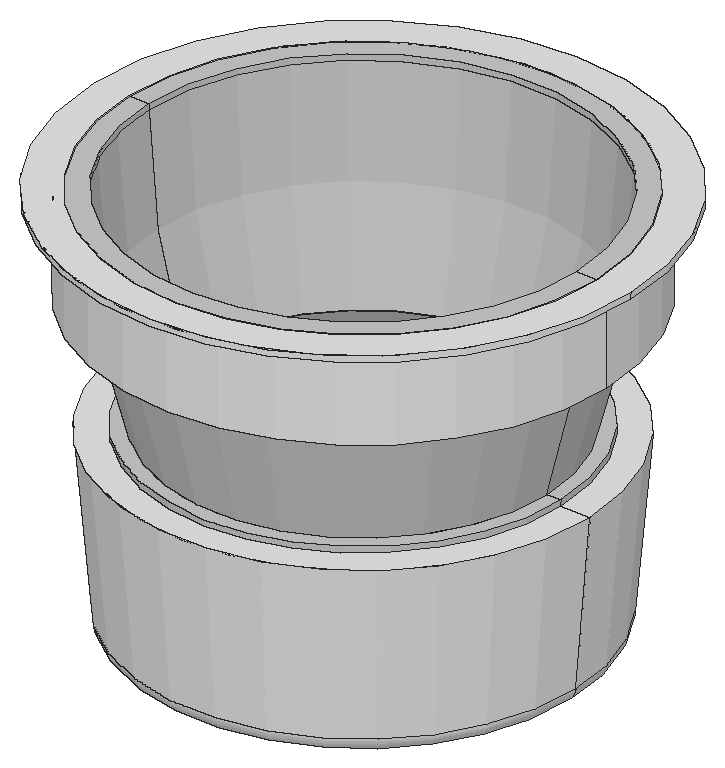
Revit family "2059366 Lighting Fixture_Sylvania_Ascent 150 II Round_Ceiling Recessed", category Lighting Fixtures, host Face, Revit 2017
Family settings
  Host = Face
  Round Connector Dimension = Use Diameter
  Part Type = Normal
  OmniClass Number = 23.80.70.11.17
  OmniClass Title = Specialized Lighting by Location or Use
  Cut with Voids When Loaded = No
  Light Source = Yes
  Shared = No
  Room Calculation Point = No
Parameters (values of type "ASCENT 150 II 3200 3K STD EM")
  Upper Body Radius = Radius - 14.5 mm  # 80.0 mm
  Upper Body Material = Metal_Sylvania_Ascent 150 II_Black
  Ring Outer Diameter = Diameter - 17.0 mm  # 172.0 mm
  Ring Inner Diameter = Ring Outer Diameter - 4.0 mm  # 168.0 mm
  Reflector Material = Metal_Sylvania_Ascent 150 II_Polished
  Recessed Depth = 142.0 mm
  Radius = Diameter / 2  # 94.5 mm
  Light Emit  Diameter = Diameter - 38.0 mm  # 151.0 mm
  LOR = "100%"  # constant formula
  Inrush Current (max. quantity per 16A C breaker) = "80"  # constant formula
  Inner Reflector Radius = Inner Radius - 19.5 mm  # 63.0 mm
  Inner Radius = Inner Diameter / 2  # 82.5 mm
  Inner Diameter = Diameter - 24.0 mm  # 165.0 mm
  IP Rating = "IP44"  # constant formula
  IK Rating = "IK02"  # constant formula
  Glow Wire Test = 650 °C  # constant formula
  Energy Class = "A++,A+,A"  # constant formula
  Weight = 2.45 kg
  Wattage = 2.86179 W
  built-in parameter 1150110 = 1 (stored number, unit not read)
  Voltage Comments = "UNV (Universal Voltage; 220-240 Volt)"  # constant formula
  Voltage = 230 V  # constant formula
  URL = "https://www.sylvania-lighting.com"
  built-in parameter 1114217 = 1 (stored number, unit not read)
  Tilt Angle = -90°
  built-in parameter 1150109 = 1 (stored number, unit not read)
  built-in parameter 1150134 = (empty or 0)
  built-in parameter 1150113 = 1 (stored number, unit not read)
  Product Page URL = "https://www.sylvania-lighting.com/product/en-int/products/2059366"
  Product Family = "ASCENT 150 II ROUND"  # constant formula
  Photometry Comments = ""
  Photometric Web File = "2059366_ASCENT150II32003KSTDEM-206476.ies"
  Life = "50 000 h"  # constant formula
  Emit from Circle Diameter = Light Emit  Diameter  # 151.0 mm
  Emit Shape Visible in Rendering = no
  Emergency duration (h) = "N/A"
  Electrical Protection = "Class II"  # constant formula
  Drive Current = "1000mA"  # constant formula
  Distribution type = "Direct"  # constant formula
  Diffuser Material = Glass_Sylvania_Ascent 150 II_Clear_3000K
  Diameter = 189.0 mm
  Cutout Diameter = Diameter - 13.0 mm  # 176.0 mm
  Colour consistency (SDCM) = "3 step"  # constant formula
  built-in parameter 1114216 [instance] = 1 (stored number, unit not read)
  Model = "ASCENT 150 II 3200 3K STD EM"
  Manufacturer = "Feilo Sylvania"
  built-in parameter 1150105 = 215.52 (stored number, unit not read)
  Lumens = 352 lm
  built-in parameter 1150115 = 1 (stored number, unit not read)
  built-in parameter 1150137 = (empty or 0)
  built-in parameter 1150139 = (empty or 0)
  built-in parameter 1150112 = 1 (stored number, unit not read)
  built-in parameter 1150114 = 1 (stored number, unit not read)
  Lamp Comments = "Integrated LED"  # constant formula
  Lamp = "LED"  # constant formula
  built-in parameter 1150132 = 2
  built-in parameter 1150102 = (empty or 0)
  built-in parameter 1150107 = 3000 (stored number, unit not read)
  built-in parameter 1150138 = (empty or 0)
  built-in parameter 1150106 = 2.1552 (stored number, unit not read)
  built-in parameter 1150104 = 11.427 (stored number, unit not read)
  Dimming Lamp Color Temperature Shift = <None>
  Description = "A very high efficient round downlight up to 127lm/W Long life >50,000hrs 4,000K and 3,000K CCT and CRI Ra85 IP44 rated for wet areas and bathrooms UGR <19 version for offices to comply with EN12464-1 Wide selection of decorative accessories"  # constant formula
  Default Elevation = 0.0 mm
  Color Filter = 16777215
  Catalog Number = "2059366 ASCENT 150 II 3200 3K STD EM"
  built-in parameter 1140040 [instance] = 1
  CRI (Ra) = ">80"  # constant formula
  built-in parameter 1114218 = 1 (stored number, unit not read)
  built-in parameter 1150133 = 10 (stored number, unit not read)
  Assembly Code = "D5020200"
  Apparent Load Comments = ""
  Apparent Load = 32 VA
  Accessory Material = Aluminum_Sylvania_Ascent 150 II_White
Reference planes
  plane 1 "Center (Front/Back)": y = 0
  plane 2: z = 0
  plane 3 "Center (Left/Right)": x = 0
  plane 4: z = 2
  plane 5: z = -74
  plane 6 "Fixture Top": z = -140
  plane 7: z = -31
  plane 8: z = -72
  plane 9: z = -62.037
Forms (mm)
  Extrusion 1, solid, material "Aluminum_Sylvania_Ascent 150 II_White" <- "Accessory Material", detail levels fine
    sketch origin (0, 0, 0) x (1, 0, 0) y (0, 1, 0)
      loop
        circle (0, 0) r 94.5
      loop
        circle (0, 0) r 82.5
    from 0 to 2
  Extrusion 2, void
    sketch origin (0, 0, 0) x (1, 0, 0) y (0, 1, 0)
      loop
        circle (0, 0) r 88
    from -140 to 2
  Revolve 3, solid, material "Metal_Sylvania_Ascent 150 II_Polished" <- "Reflector Material", detail levels fine
    sketch origin (0, 0, 0) x (1, 0, 0) y (0, 0, 1)
      loop
        line (-82.5, 0) -> (-77.5, 0)
        arc (-77.5, 0) -> (-74.352, -36.539) -> (-65, -72) r 213.61
        line (-65, -72) -> (-70, -72) -> (-70, -74) -> (0, -74) -> (0, -72) -> (-63, -72)
        arc (-63, -72) -> (-72.352, -36.539) -> (-75.5, 0) r 213.61
        line (-75.5, 0) -> (-75.5, 2) -> (-82.5, 2) -> (-82.5, 0)
      axis (0, 2) -> (0, -74)
    angle from 0 to 360
  Extrusion 4, solid, material "Aluminum_Sylvania_Ascent 150 II_White" <- "Accessory Material", detail levels fine
    sketch origin (0, 0, 0) x (1, 0, 0) y (0, 1, 0)
      loop
        circle (0, 0) r 86
      loop
        circle (0, 0) r 84
    from -31 to 0
  Revolve 5, solid, material "Glass_Sylvania_Ascent 150 II_Clear_3000K" <- "Diffuser Material", detail levels fine
    sketch origin (0, 0, 0) x (1, 0, 0) y (0, 0, 1)
      loop
        line (-63, -72) -> (0, -72) -> (0, -62.037)
        arc (0, -62.037) -> (-31.891, -64.543) -> (-63, -72) r 204.163
      axis (0, -62.037) -> (0, -72)
    angle from 0 to 360
  Revolve 6, solid, material "Metal_Sylvania_Ascent 150 II_Black" <- "Upper Body Material", detail levels fine
    sketch origin (0, 0, 0) x (1, 0, 0) y (0, 0, 1)
      loop
        line (0, -74) -> (-80, -74) -> (-75.107, -129.929)
        arc (-75.107, -129.929) -> (-73.452, -133.536) -> (-69.924, -135.353) r 6.079
        arc (-69.924, -135.353) -> (-35.039, -138.837) -> (0, -140) r 528.435
        line (0, -140) -> (0, -74)
      axis (0, -74) -> (0, -140)
    angle from 0 to 360
  Revolve 7, solid, material "Aluminum_Sylvania_Ascent 150 II_White" <- "Accessory Material", detail levels coarse+medium
    sketch origin (0, 0, 0) x (1, 0, 0) y (0, 0, 1)
      loop
        arc (-69.924, -135.353) -> (-35.039, -138.837) -> (0, -140) r 528.435
        line (0, -140) -> (0, 2) -> (-94.5, 2) -> (-94.5, 0) -> (-86, 0) -> (-86, -31)
        arc (-86, -31) -> (-84.493, -52.708) -> (-80, -74) r 157.083
        line (-80, -74) -> (-75.107, -129.929)
        arc (-75.107, -129.929) -> (-73.452, -133.536) -> (-69.924, -135.353) r 6.079
      axis (0, 2) -> (0, -140)
    angle from 0 to 360
Cuts and joins
  joined: Extrusion 1, Extrusion 4
Lines and regions (mm)
  Masking region 1
    outline origin (0, 0, 0) x (1, 0, 0) y (0, 1, 0)
      loop
        circle (0, 0) r 94.5
  symbolic lines, detail levels fine
    curve 1: arc (-75.5, 0, 0) -> (0, 75.5, 0) -> (75.5, 0, 0) r 75.5
    curve 2: arc (75.5, 0, 0) -> (0, -75.5, 0) -> (-75.5, 0, 0) r 75.5
Dimensions and locks
  plane 4 to plane 2 to plane 7 to plane 9 to plane 8 to plane 5 = 2.0 mm locked, 31.0 mm locked, 31.037 mm locked, 9.963 mm locked, 2.0 mm locked
  "Inner Radius": plane 3 "Center (Left/Right)" to Revolve 3 sketch curve
  locked: Revolve 3 sketch curve to Revolve 3 sketch curve at 7
  Revolve 3 sketch curve to Revolve 3 sketch curve to Revolve 3 sketch curve to Revolve 3 sketch curve = 2.0 mm locked, 5.0 mm locked, 12.5 mm locked
  "Inner Reflector Radius": Revolve 5 sketch curve to imposter light
  Revolve 6 sketch curve to Revolve 6 sketch curve to plane 6 "Fixture Top" = 5.424 mm locked, 4.647 mm locked
  "Recessed Depth": plane 4 to plane 6 "Fixture Top"
  "Upper Body Radius": plane 3 "Center (Left/Right)" to Revolve 6 sketch curve
  Revolve 6 sketch curve to Revolve 6 sketch curve to Revolve 6 sketch curve = 4.893 mm locked, 5.183 mm locked
  Revolve 7 sketch curve to Revolve 7 sketch curve to plane 6 "Fixture Top" = 5.424 mm locked, 4.647 mm locked
  Revolve 7 sketch curve to Revolve 7 sketch curve to Revolve 7 sketch curve to Revolve 7 sketch curve to Revolve 7 sketch curve = 8.5 mm locked, 6.0 mm locked, 4.893 mm locked, 5.183 mm locked
  "Radius": plane 3 "Center (Left/Right)" to Revolve 7 sketch curve
  "Diameter": diameter of Extrusion 1 sketch curve
  "Inner Diameter": diameter of Extrusion 1 sketch curve
  "Cutout Diameter": diameter of Extrusion 2 sketch curve
  "Ring Outer Diameter": diameter of Extrusion 4 sketch curve
  "Ring Inner Diameter": diameter of Extrusion 4 sketch curve
  aligned and locked: plane 2 to host face
  aligned and locked: level to host face
  aligned and locked: imposter light to plane 3 "Center (Left/Right)"
  aligned and locked: imposter light to plane 1 "Center (Front/Back)"
  aligned and locked: Extrusion 1 to plane 2
  aligned and locked: plane 4 to Extrusion 1
  aligned and locked: imposter light to plane 4
  aligned and locked: imposter light to Revolve 3 sketch curve
  aligned and locked: Revolve 3 sketch curve to imposter light
  aligned and locked: Revolve 3 sketch curve to plane 2
  aligned and locked: Revolve 3 sketch curve to Revolve 3 sketch curve
  aligned and locked: plane 5 to Revolve 3 sketch curve
  aligned and locked: Extrusion 4 to plane 7
  aligned and locked: Revolve 3 sketch curve to plane 8
  aligned and locked: Revolve 5 sketch curve to plane 8
  aligned and locked: imposter light to Revolve 5 sketch curve  (x2)
  aligned and locked: imposter light to Revolve 6 sketch curve  (x2)
  aligned and locked: plane 5 to Revolve 6 sketch curve
  aligned and locked: plane 6 "Fixture Top" to Revolve 6 sketch curve
  aligned and locked: Revolve 7 sketch curve to plane 2
  aligned and locked: plane 4 to Revolve 7 sketch curve
  aligned and locked: plane 7 to Revolve 7 sketch curve
  aligned and locked: imposter light to Extrusion 2
  aligned and locked: Extrusion 2 to plane 6 "Fixture Top"
  aligned and locked: Masking region 1 sketch curve to Revolve 7  (x2)
  aligned and locked: curve 1 to Revolve 3
  aligned and locked: curve 2 to Revolve 3
Automatic sketch dimensions
  host sketch curve to host sketch curve = 1040.406 mm
  host sketch curve to host sketch curve = 988.385 mm
  Extrusion 1 sketch curve to Extrusion 1 sketch curve = 0.0 mm  (x2)
  plane 1 "Center (Front/Back)" to Extrusion 1 sketch curve = 0.0 mm
  Extrusion 1 sketch curve to plane 3 "Center (Left/Right)" = 0.0 mm
  plane 1 "Center (Front/Back)" to Extrusion 2 sketch curve = 0.0 mm
  Extrusion 2 sketch curve to plane 3 "Center (Left/Right)" = 0.0 mm
  Revolve 3 sketch curve to plane 3 "Center (Left/Right)" = 0.0 mm
  Revolve 3 sketch curve to level = 0.0 mm
  Revolve 3 sketch curve to Revolve 3 sketch curve = 2.0 mm
  Revolve 3 sketch curve to plane 5 = 27.065 mm
  plane 4 to Revolve 3 sketch curve = 16.525 mm
  Extrusion 4 sketch curve to Extrusion 4 sketch curve = 0.0 mm  (x2)
  plane 1 "Center (Front/Back)" to Extrusion 4 sketch curve = 0.0 mm
  Extrusion 4 sketch curve to plane 3 "Center (Left/Right)" = 0.0 mm
  Revolve 5 sketch curve to plane 9 = 0.0 mm
  Revolve 5 sketch curve to plane 5 = 17.158 mm
  Revolve 5 sketch curve to plane 7 = 15.158 mm
  Revolve 6 sketch curve to plane 7 = 0.0 mm
  Revolve 6 sketch curve to Revolve 6 sketch curve = 6.05 mm
  Revolve 6 sketch curve to plane 6 "Fixture Top" = 26.0 mm
  Revolve 7 sketch curve to plane 3 "Center (Left/Right)" = 0.0 mm  (x2)
  Revolve 7 sketch curve to plane 6 "Fixture Top" = 0.0 mm
  Revolve 7 sketch curve to plane 5 = 0.0 mm
  Revolve 7 sketch curve to plane 7 = 0.0 mm
  Revolve 7 sketch curve to Revolve 7 sketch curve = 0.866 mm
  Revolve 7 sketch curve to Revolve 7 sketch curve = 26.0 mm
Connectors
  electrical at (0, 0, -140), driven by "Apparent Load", driven by "Voltage"
    settings: index 1, voltage 230 V, apparent load 0 VA, apparent load phase1 32 VA, apparent load phase2 0 VA, apparent load phase3 0 VA, power factor 1, load classification "Lighting", number of poles 1, system type 31, power factor state 1, is connector primary yes, connector utility no, sub classification motor no, connector description ""
